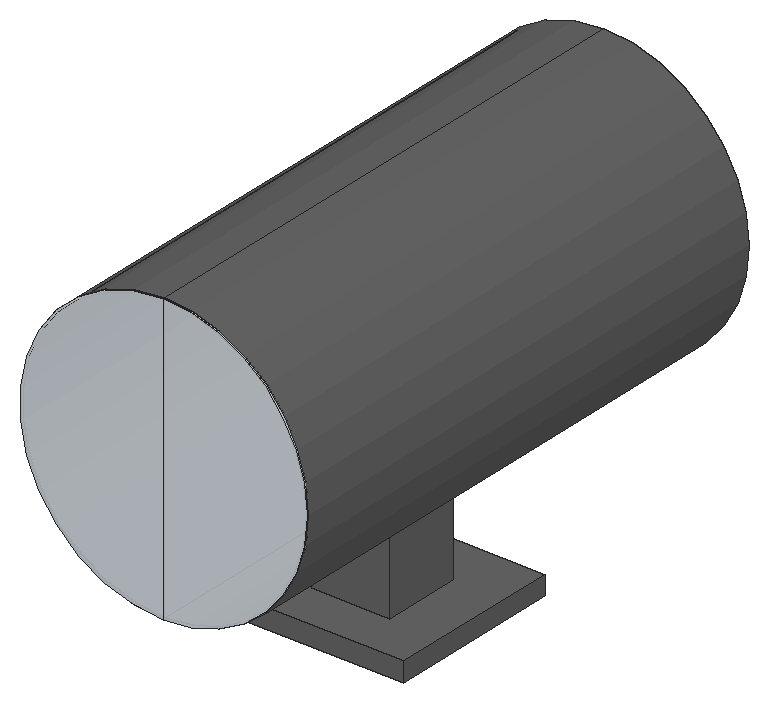
Revit family "LTC-6RDW-W", category Lighting Fixtures, host Face, Revit 2017
Family settings
  Host = Face
  Round Connector Dimension = Use Diameter
  Part Type = Normal
  OmniClass Number = 23.80.70.11.14.11
  OmniClass Title = Downlights
  Cut with Voids When Loaded = No
  Light Source = Yes
  Shared = No
  Room Calculation Point = No
Parameters (values of type "LTC-6RDW-W")
  Wattage Comments = ""
  Wattage = 52 W
  Warranty = "• 5 year warranty\r\n• See HLI Standard Warranty for\r\nadditional information"  # constant formula
  built-in parameter 1150110 = 1 (stored number, unit not read)
  Voltage = 120 V
  built-in parameter 1114217 = 1 (stored number, unit not read)
  Tilt Angle = -90.00°  # constant formula
  built-in parameter 1150109 = 1 (stored number, unit not read)
  built-in parameter 1150134 = 3
  built-in parameter 1150113 = 1 (stored number, unit not read)
  Photometric Web File = "LTC-6RD-P-20L35K8MD-DM1-S-BL (1).ies"
  Features = "• 6inch architectural LED downlight and wall wash cylinder delivering 600 - 2500 lm \r\n• 4 beam distributions from 0.3 to 1.1 Spacing Criteria \r\n• Quiet reflector appearance with 50º optical cutoff \r\n• SpectraSync™ Color Tuning technology allows the flexibility to tailor CCT to aesthetic preferences\r\n• Available in Dim To Warm (2200K-3000K) or Tunable White (2700K-5000K or 2700K-6500K), 90+ CRI \r\n• Available in Surface, Wall, Pendant, or Cable/Cord Mount configurations \r\n• Versatile canopy options for recessed and surface-mounted J-box applications \r\n• Standard with 0-10V dimming to 5%\r\n"  # constant formula
  Cord Height = 72.000"
  built-in parameter 1150105 = 331.04 (stored number, unit not read)
  Lumens = 4160 lm
  built-in parameter 1150115 = 1 (stored number, unit not read)
  built-in parameter 1150137 = (empty or 0)
  built-in parameter 1150139 = (empty or 0)
  built-in parameter 1150112 = 1 (stored number, unit not read)
  built-in parameter 1150114 = 1 (stored number, unit not read)
  built-in parameter 1150132 = (empty or 0)
  built-in parameter 1150102 = (empty or 0)
  built-in parameter 1150107 = 3200 (stored number, unit not read)
  built-in parameter 1150138 = (empty or 0)
  built-in parameter 1150106 = 3.3104 (stored number, unit not read)
  Emit from Circle Diameter = 7.300"  # constant formula
  Emit Shape Visible in Rendering = no
  built-in parameter 1150104 = 7.4322 (stored number, unit not read)
  Dimming Lamp Color Temperature Shift = <None>
  Copyright = "© 2021 Prescolite, a division of Hubbell Lighting, Inc"  # constant formula
  Contact us = "https://www.hubbell.com/prescolite/en/contactUs"
  Color Filter = 16777215
  Certifications = "• cCSAus certified to UL 1598\r\n• Wall Mount: Suitable for wet locations\r\n• Surface & Pendant Mount: Suitable for wet\r\nlocations under covered ceiling\r\n• Cord Mount and all Wall Wash: Suitable for\r\ndamp locations"  # constant formula
  Center Distance = 6.400"
  Canopy Width = 4.500"
  Canopy Height = 0.500"
  built-in parameter 1114218 = 1 (stored number, unit not read)
  Ballast = Paint - Hubbell - Carbon Black
  URL = "https://www.hubbell.com/prescolite/en"
  Product Page URL = "https://www.hubbell.com/prescolite/en/Products/Lighting-Controls/Commercial-Indoor-Lighting/Cylinders/LITEISTRY-6-Round-Cylinder-wSpectraSync/p/3775873"
  Product Documentation Link = "https://hubbellcdn.com/specsheet/LTC-6RDW%20SpectraSync.pdf"
  Model = "LTC-6RDW"  # constant formula
  Manufacturer = "Prescolite"  # constant formula
  Lamp = "LED Lamp"
  Reflector = Glass - Hubbell - Glass
  Description = "LITEISTRY™ 6inch Round Cylinder with color turning"  # constant formula
  Default Elevation = 48.000"
  Backbox = Hubbell - Matt Black
  built-in parameter 1150133 = 10 (stored number, unit not read)
  Apparent Load = 50 VA  # constant formula
Types (3): name | Center Distance | Canopy Width | Canopy Height
  (no name) | 6.400" | 4.500" | 0.500"
  LTC-6RDW-W | 6.400" | 4.500" | 0.500"
  LTC-6RDW-WCC | 8.770" | 5.740" | 3.000"
Reference planes (in)
  plane 1 "Center (Front/Back)": y = 0
  plane 2: z = 0
  plane 3 "Center (Left/Right)": x = 0
  plane 4: z = 6.4
  plane 5: z = 0.5
  plane 6: y = -2.25
  plane 7: y = 2.25
  plane 8: x = -2.25
  plane 9: x = 2.25
  plane 10: y = -7
  plane 11: y = 7
Forms (in)
  Revolve 1, solid, material "Paint - Hubbell - Carbon Black" <- "Ballast"
    sketch origin (-0.02661, 2.20643, 0) x (0, 1, 0) y (0, 0, 1)
      loop
        line (4.66357, 6.4) -> (4.78857, 6.4) -> (4.78857, 10.07022) -> (-9.21143, 10.07022) -> (-9.21143, 10.021) -> (4.66357, 10.021) -> (4.66357, 6.4)
      axis (-9.21143, 6.4) -> (4.78857, 6.4)
    angle from 0 to 360
  Revolve 2, solid, material "Glass - Hubbell - Glass" <- "Reflector"
    sketch origin (-0.02661, -0.04357, 0) x (0, 1, 0) y (0, 0, 1)
      loop
        line (-6.9518, 6.4) -> (-6.9518, 10.07) -> (-7.00443, 10.07) -> (-7.00443, 6.4) -> (-6.9518, 6.4)
      axis (-6.9518, 6.4) -> (-7.00443, 6.4)
    angle from 0 to 360
  Extrusion 3, solid, material "Paint - Hubbell - Carbon Black" <- "Ballast"
    sketch origin (-0.02661, -0.04357, 0) x (0, 1, 0) y (0, 0, 1)
      loop
        line (0.97237, 0.5) -> (0.97237, 6.4) -> (-1.03763, 6.4) -> (-1.03763, 0.5) -> (0.97237, 0.5)
    from -1 to 1
  Extrusion 4, solid, material "Hubbell - Matt Black" <- "Backbox"
    sketch origin (0, 0, 0) x (0, 1, 0) y (0, 0, 1)
      loop
        line (2.25, 0) -> (2.25, 0.5) -> (-2.25, 0.5) -> (-2.25, 0) -> (2.25, 0)
    from -2.25 to 2.25
Dimensions and locks (in)
  locked: Extrusion 3 sketch curve to Extrusion 3 sketch curve at 2.01
  locked: Revolve 1 sketch curve to Revolve 1 sketch curve at 0.04922
  "Center Distance": plane 4 to plane 2
  Revolve 1 sketch curve to plane 4 = 3.67022"
  Revolve 2 sketch curve to Revolve 2 sketch curve = 3.670"
  "Canopy Height": plane 5 to plane 2
  "Canopy Width": plane 7 to plane 6
  equal spacing: plane 7, plane 1 "Center (Front/Back)", plane 6
  equal spacing: plane 9, plane 3 "Center (Left/Right)", plane 8
  "Canopy Width": plane 9 to plane 8
  aligned and locked: plane 2 to host face
  aligned and locked: plane 3 "Center (Left/Right)" to imposter light
  aligned and locked: plane 4 to Revolve 1 sketch curve  (x2)
  aligned and locked: Revolve 2 sketch curve to plane 4
  aligned and locked: plane 4 to Revolve 2 sketch curve
  aligned and locked: imposter light to plane 4
  aligned and locked: imposter light to Revolve 2
  aligned and locked: level to Extrusion 4 sketch curve
  aligned and locked: plane 7 to Extrusion 4 sketch curve
  aligned and locked: Extrusion 4 sketch curve to plane 5
  aligned and locked: Extrusion 4 sketch curve to plane 6
  aligned and locked: plane 9 to Extrusion 4
  aligned and locked: Extrusion 4 to plane 8
  aligned and locked: plane 4 to Extrusion 3
Automatic sketch dimensions
  host sketch curve to host sketch curve = 96.000"  (x2)
  plane 1 "Center (Front/Back)" to Revolve 1 sketch curve = 7.005"
  Revolve 1 sketch curve to plane 1 "Center (Front/Back)" = 6.870"
  Revolve 1 sketch curve to Revolve 1 sketch curve = 0.125"
  Revolve 1 sketch curve to Revolve 1 sketch curve = 3.5625"
  Revolve 1 sketch curve to Revolve 1 sketch curve = 13.3125"
  plane 1 "Center (Front/Back)" to Revolve 2 sketch curve = 7.048"
  Revolve 2 sketch curve to Revolve 2 sketch curve = 0.05263"
  Revolve 2 sketch curve to Revolve 2 sketch curve = 0.60362"
  Revolve 2 sketch curve to Revolve 2 sketch curve = 0.84375"
  level to Extrusion 3 sketch curve = 0.500"
  plane 1 "Center (Front/Back)" to Extrusion 3 sketch curve = 1.0812"
  Extrusion 3 sketch curve to Extrusion 3 sketch curve = 5.900"
Connectors (in)
  electrical at (0, 0, 0), driven by "Description", driven by "Voltage", driven by "Apparent Load"
    settings: index 1, voltage 120 V, apparent load 50 VA, apparent load phase1 0 VA, apparent load phase2 0 VA, apparent load phase3 0 VA, power factor 1, load classification "Other", number of poles 1, system type 30, power factor state 1, is connector primary yes, connector utility no, sub classification motor no, connector description "LITEISTRY™ 6inch Round Cylinder with color turning"
